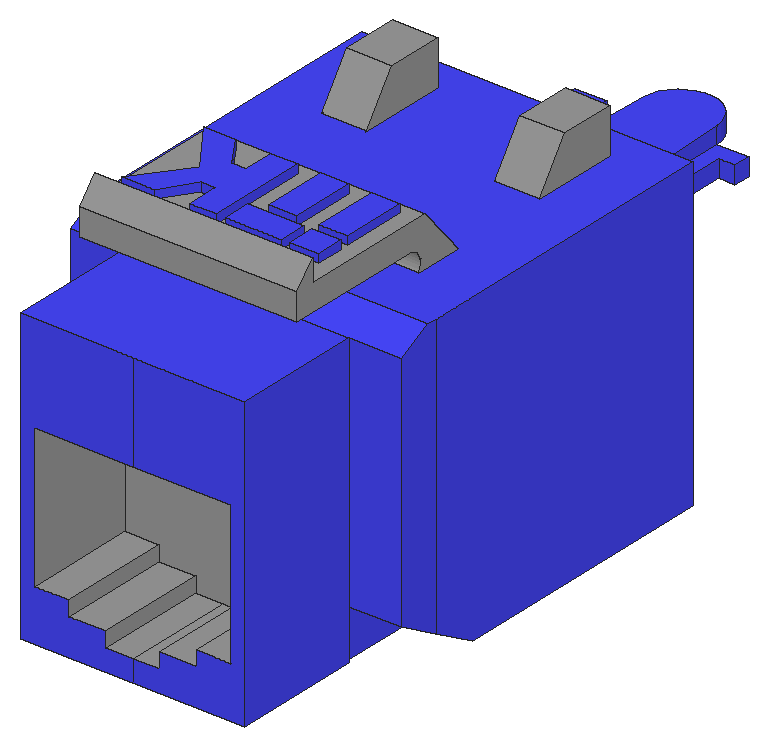
Revit family "ITK_Модуль Keystone Jack_90 градусов_Экранированный_IP20", category Обобщенные модели, Revit 2019
Family settings
  Может служить основой для арматурных стержней = Нет
  Размер круглого соединителя = Использовать диаметр
  Тип детали = Нормальный
  На основе рабочей плоскости = Нет
  Всегда вертикально = Да
  При загрузке вырезать с полостями = Нет
  Общий = Нет
  Точка расчета площади = Нет
Parameters (values of type "CS1-1C06F-11")
  Ширина = 21.5 mm  # constant formula
  Степень защиты = "IP20"  # constant formula
  Материал = Нержавеющая сталь
  Изготовитель = "ITK"  # constant formula
  Дата изменения = ""
  Глубина = 46.7 mm  # constant formula
  Высота = 21.5 mm  # constant formula
  URL = "https://www.iek.ru/"
  KSI_CPr_Строительные изделия = ""
  KSI_CMa_Строительные материалы = "01.7.14.03"  # constant formula
  IEK_Цена за единицу = 215.76
  IEK_Поиск в таблице имен = ""
  IEK_Описание = "Совместимость с компонентами для СКС.\r\nИзготовлены из высококачественных негорючих материалов.\r\nНадежность и удобство эксплуатации.\r\nСоответствие международным стандартам качества"
  IEK_URL = "https://www.itk-group.ru/produktsiya/catalog/oborudovanie_telekommunikatsionnoe/komponenty_sks_mednye/rozetki_adaptery_i_moduli_keystone/moduli_keystone_jack_informatsionnye_rozetki_rozetochnye_korpusa_i_adaptery/moduli_keystone_jack/moduli_keystone_jack_kat_6_ekranirovanye_ftp_stp/itk_modul_keystone_jack_kat_6_ftp_110_idc_90grad_rozetochnyy"
  ADSK_Примечание = ""
  ADSK_Позиция [instance] = ""
  ADSK_Наименование = "ITK Модуль Keystone Jack кат. 6 FTP 110 IDC 90 град. розет."
  ADSK_Материал обозначение = ""
  ADSK_Материал наименование = "Металл АБС-пластик"  # constant formula
  ADSK_Масса = 0
  ADSK_Марка = ""  # constant formula
  ADSK_Код изделия = "CS1-1C06F-11"
  ADSK_Завод-изготовитель = "IEK"  # constant formula
  ADSK_Единица измерения = "шт"  # constant formula
  ADSK_Группирование = "I. ЩИТЫ И ПУЛЬТЫ"  # constant formula
  ADSK_Версия семейства = "1.0"  # constant formula
  ADSK_Версия Revit = "2019"  # constant formula
  ADSK_URL страницы изделия = "https://www.itk-group.ru/produktsiya/catalog/oborudovanie_telekommunikatsionnoe/komponenty_sks_mednye/rozetki_adaptery_i_moduli_keystone/moduli_keystone_jack_informatsionnye_rozetki_rozetochnye_korpusa_i_adaptery/moduli_keystone_jack/"
Types (2, lengths in mm): name | IEK_Цена за единицу | IEK_URL | ADSK_Наименование | ADSK_Код изделия
  CS1-1C5EF-11 | 188.6 | "https://www.itk-group.ru/produktsiya/catalog/oborudovanie_telekommunikatsionnoe/komponenty_sks_mednye/rozetki_adaptery_i_moduli_keystone/moduli_keystone_jack_informatsionnye_rozetki_rozetochnye_korpusa_i_adaptery/moduli_keystone_jack/moduli_keystone_jack_kat_5e_ekranirovanye_ftp_stp/itk_modul_keystone_jack_kat_5e_ftp_110_idc_90grad_rozetochnyy" | "ITK Модуль Keystone Jack кат. 5E FTP 110 IDC 90 град. розет." | "CS1-1C5EF-11"
  CS1-1C06F-11 | 215.76 | "https://www.itk-group.ru/produktsiya/catalog/oborudovanie_telekommunikatsionnoe/komponenty_sks_mednye/rozetki_adaptery_i_moduli_keystone/moduli_keystone_jack_informatsionnye_rozetki_rozetochnye_korpusa_i_adaptery/moduli_keystone_jack/moduli_keystone_jack_kat_6_ekranirovanye_ftp_stp/itk_modul_keystone_jack_kat_6_ftp_110_idc_90grad_rozetochnyy" | "ITK Модуль Keystone Jack кат. 6 FTP 110 IDC 90 град. розет." | "CS1-1C06F-11"
Reference planes
  plane 1 "По центру (Вперед/Назад)": y = 0
  plane 2: z = 0
  plane 3 "По центру (Влево/Вправо)": x = 0
  plane 4: x = -10.75
  plane 5: x = 10.75
  plane 6: z = 20
  plane 7: y = 32
  plane 8: y = 23
  plane 9: z = 3.3
  plane 10: y = 4.5
  plane 11: y = 46.7
Forms (mm)
  Extrusion 1, solid, material "Нержавеющая сталь", detail levels fine
    sketch origin (0, 0, 0) x (1, 0, 0) y (0, 1, 0)
      loop
        line (10.75, 32) -> (-10.75, 32) -> (-10.75, 11.115) -> (-10.75, 8.395) -> (-7.3, 8.395) -> (-7.3, 0) -> (0, 0) -> (7.3, 0) -> (7.3, 8.395) -> (10.75, 8.395) -> (10.75, 11.115) -> (10.75, 32)
    from 20 to 0
  Extrusion 2, void
    sketch origin (0, 0, 0) x (0, 1, 0) y (0, 0, 1)
      loop
        line (0, 18.9) -> (8.395, 18.9) -> (10.511, 20) -> (0, 20) -> (0, 18.9)
    from 10.75 to -10.75
  Extrusion 3, void
    sketch origin (0, 0, 0) x (1, 0, 0) y (0, 0, 1)
      loop
        line (0, 1.384) -> (1.751, 1.384) -> (1.751, 2.379) -> (4.151, 2.379) -> (4.151, 3.347) -> (6.38, 3.347) -> (6.38, 12.56) -> (0, 12.56) -> (-6.38, 12.56) -> (-6.38, 3.347) -> (-4.151, 3.347) -> (-4.151, 2.379) -> (-1.751, 2.379) -> (-1.751, 1.384) -> (0, 1.384)
    from -7.289 to 0
  Extrusion 4, solid, material "Окраска - RAL 9005", detail levels fine
    sketch origin (0, 0, -0.163) x (0, 1, 0) y (0, 0, 1)
      loop
        line (14.833, 23.363) -> (5.756, 23.363) -> (5.756, 24.783) -> (4.5, 23.369) -> (4.5, 21.633) -> (13.57, 21.633)
        arc (13.57, 21.633) -> (14.539, 20.664) -> (13.57, 19.694) r 0.97
        line (13.57, 19.694) -> (17.911, 19.694) -> (14.833, 23.363)
    from 7.062 to -7.062
  Extrusion 5, solid, material "Условный материал-отделка", detail levels coarse+medium
    sketch origin (0, 0, 0) x (1, 0, 0) y (0, 1, 0)
      loop
        line (-10.75, 46.7) -> (-10.75, 0) -> (10.75, 0) -> (10.75, 46.7) -> (-10.75, 46.7)
    from 20 to 0
  Extrusion 6, void
    sketch origin (0, 0, 0) x (0, 1, 0) y (0, 0, 1)
      loop
        line (8.395, 3.3) -> (8.395, 0) -> (14.111, 0) -> (8.395, 3.3)
    from -7.062 to -10.75
  Extrusion 7, void
    sketch origin (0, 0, 0) x (0, 1, 0) y (0, 0, -1)
      loop
        line (8.395, -3.3) -> (14.111, 0) -> (8.395, 0) -> (8.395, -3.3)
    from -7.062 to -10.75
  Extrusion 8, solid, material "Окраска - RAL 9005", detail levels fine
    sketch origin (0, 0, 0) x (0, 1, 0) y (0, 0, 1)
      loop
        line (29.908, 19.531) -> (29.908, 22.898) -> (26.222, 22.898) -> (23.864, 19.531) -> (29.908, 19.531)
    from 7.062 to 4.151
  Extrusion 9, solid, material "Окраска - RAL 9005", detail levels fine
    sketch origin (0, 0, 0) x (0, 1, 0) y (0, 0, -1)
      loop
        line (29.908, -19.531) -> (30.791, -19.531) -> (30.791, -18.682) -> (22.328, -18.682) -> (22.328, -19.531) -> (23.864, -19.531) -> (26.222, -22.898) -> (29.908, -22.898) -> (29.908, -19.531)
    from 7.062 to 4.151
  Extrusion 10, solid, material "Окраска - RAL 9005", detail levels fine
    sketch origin (0, 0, 0) x (1, 0, 0) y (0, 1, 0)
      loop
        line (-8.876, 30.792) -> (-8.876, 11.49) -> (8.599, 11.49) -> (8.599, 30.792) -> (-8.876, 30.792)
    from 19.723 to 16.279
  Extrusion 11, void
    sketch origin (0, 0, 0) x (1, 0, 0) y (0, 1, 0)
      loop
        line (-4.151, 29.908) -> (-7.062, 29.908) -> (-7.062, 24.182) -> (-4.151, 24.182) -> (-4.151, 29.908)
      loop
        line (4.151, 29.908) -> (4.151, 24.182) -> (7.062, 24.182) -> (7.062, 29.908) -> (4.151, 29.908)
      loop
        line (-7.062, 17.497) -> (-7.062, 14.833) -> (7.062, 14.833) -> (7.062, 17.497) -> (-7.062, 17.497)
    from 20 to 18.682
  Extrusion 12, solid, material "Пластик белый", detail levels fine
    sketch origin (-2.053, 23.411, 23.2) x (-1, 0, 0) y (0, -1, 0)
      loop
        line (-8.095, 13.526) -> (-8.095, 9.294) -> (-6.245, 9.294) -> (-6.245, 13.526) -> (-8.095, 13.526)
      loop
        line (-8.095, 14.116) -> (-6.245, 14.116) -> (-6.245, 15.911) -> (-8.095, 15.911) -> (-8.095, 14.116)
      loop
        line (-1.493, 15.911) -> (-1.493, 9.294) -> (0.251, 9.294) -> (0.251, 11.342) -> (1.2, 11.342) -> (2.53, 9.294) -> (4.655, 9.294) -> (2.247, 12.608) -> (4.655, 15.911) -> (2.53, 15.911) -> (1.2, 13.863) -> (0.251, 13.863) -> (0.251, 15.911) -> (-1.493, 15.911)
      loop
        line (-5.717, 14.116) -> (-2.094, 14.116) -> (-2.094, 15.911) -> (-5.717, 15.911) -> (-5.717, 14.116)
      loop
        line (-4.813, 13.526) -> (-4.813, 9.294) -> (-2.963, 9.294) -> (-2.963, 13.526) -> (-4.813, 13.526)
    from 0 to 0.554
  Extrusion 13, solid, material "Нержавеющая сталь", detail levels fine
    sketch origin (0, 0, 0) x (1, 0, 0) y (0, 1, 0)
      loop
        line (-2.878, 32) -> (2.878, 32) -> (2.367, 44.428)
        arc (2.367, 44.428) -> (0, 46.7) -> (-2.367, 44.428) r 2.369
        line (-2.367, 44.428) -> (-2.878, 32)
      loop
        line (3.588, 32) -> (4.59, 32) -> (4.59, 41.827) -> (5.629, 41.827) -> (5.629, 42.903) -> (3.588, 42.903) -> (3.588, 32)
      loop
        line (-3.588, 32) -> (-3.588, 42.903) -> (-5.629, 42.903) -> (-5.629, 41.827) -> (-4.59, 41.827) -> (-4.59, 32) -> (-3.588, 32)
    from 13.706 to 12.56
  Extrusion 14, void
    sketch origin (0, 0, 0) x (1, 0, 0) y (0, 0, 1)
      loop
        circle (0, 9.779) r 2.445
    from -8.395 to -42.903
Cuts and joins
  Extrusion 2, Extrusion 3, Extrusion 6, Extrusion 7, Extrusion 11, Extrusion 14 cuts Extrusion 1
  Extrusion 14 cuts Extrusion 5
Dimensions and locks
  equal spacing: plane 4, plane 3 "По центру (Влево/Вправо)", plane 5
  "Ширина": plane 4 to plane 5
  plane 6 to level = 20 mm  (x2)
  plane 1 "По центру (Вперед/Назад)" to plane 7 = 32 mm
  plane 1 "По центру (Вперед/Назад)" to plane 8 = 23 mm
  plane 7 to plane 1 "По центру (Вперед/Назад)" = 32 mm
  aligned and locked: level to plane 2
  aligned and locked: plane 7 to Extrusion 1
  aligned and locked: plane 6 to Extrusion 1
  aligned and locked: plane 5 to Extrusion 2
  aligned and locked: Extrusion 2 to plane 4
  aligned and locked: cut or joined group of Extrusion 1, Extrusion 2, Extrusion 3, Extrusion 6, Extrusion 7, Extrusion 11, Extrusion 14 to Extrusion 8
  aligned and locked: Extrusion 9 to Extrusion 4
  aligned and locked: Extrusion 8 to Extrusion 4
  aligned and locked: Extrusion 11 sketch curve to Extrusion 9
  aligned and locked: Extrusion 9 to Extrusion 11
  aligned and locked: plane 11 to Extrusion 5
Automatic sketch dimensions
  Extrusion 1 sketch curve to plane 4 = 0 mm
  plane 1 "По центру (Вперед/Назад)" to Extrusion 1 sketch curve = 0 mm
  Extrusion 1 sketch curve to plane 3 "По центру (Влево/Вправо)" = 0 mm
  Extrusion 1 sketch curve to plane 5 = 0 mm
  Extrusion 1 sketch curve to plane 7 = 0 mm
  plane 4 to Extrusion 1 sketch curve = 3.45 mm
  Extrusion 1 sketch curve to plane 5 = 3.45 mm
  plane 10 to Extrusion 1 sketch curve = 3.895 mm  (x2)
  Extrusion 1 sketch curve to Extrusion 1 sketch curve = 2.72 mm  (x2)
  Extrusion 2 sketch curve to plane 1 "По центру (Вперед/Назад)" = 0 mm
  Extrusion 2 sketch curve to plane 6 = 0 mm
  Extrusion 2 sketch curve to plane 6 = 1.1 mm
  plane 10 to Extrusion 2 sketch curve = 3.895 mm
  Extrusion 2 sketch curve to Extrusion 2 sketch curve = 2.115 mm
  Extrusion 3 sketch curve to plane 3 "По центру (Влево/Вправо)" = 0 mm  (x2)
  Extrusion 3 sketch curve to plane 3 "По центру (Влево/Вправо)" = 1.751 mm
  Extrusion 3 sketch curve to plane 9 = 0.047 mm  (x2)
  Extrusion 3 sketch curve to Extrusion 3 sketch curve = 2.4 mm  (x2)
  plane 4 to Extrusion 3 sketch curve = 4.37 mm
  plane 3 "По центру (Влево/Вправо)" to Extrusion 3 sketch curve = 1.751 mm
  Extrusion 3 sketch curve to Extrusion 3 sketch curve = 2.229 mm
  plane 9 to Extrusion 3 sketch curve = 0.921 mm  (x2)
  level to Extrusion 3 sketch curve = 1.384 mm
  Extrusion 3 sketch curve to plane 6 = 7.44 mm
  Extrusion 4 sketch curve to plane 10 = 0 mm
  plane 10 to Extrusion 4 sketch curve = 1.256 mm
  plane 6 to Extrusion 4 sketch curve = 0.501 mm
  Extrusion 4 sketch curve to Extrusion 4 sketch curve = 7.813 mm
  Extrusion 4 sketch curve to Extrusion 4 sketch curve = 1.263 mm
  Extrusion 4 sketch curve to plane 6 = 0.469 mm
  Extrusion 4 sketch curve to Extrusion 4 sketch curve = 4.342 mm
  Extrusion 4 sketch curve to Extrusion 4 sketch curve = 1.729 mm
  Extrusion 4 sketch curve to Extrusion 4 sketch curve = 0.006 mm
  Extrusion 4 sketch curve to Extrusion 4 sketch curve = 1.421 mm
  plane 1 "По центру (Вперед/Назад)" to Extrusion 5 sketch curve = 0 mm
  Extrusion 5 sketch curve to plane 4 = 0 mm
  Extrusion 5 sketch curve to plane 5 = 0 mm
  plane 7 to Extrusion 5 sketch curve = 14.7 mm
  plane 9 to Extrusion 6 sketch curve = 0 mm
  Extrusion 6 sketch curve to level = 0 mm
  plane 10 to Extrusion 6 sketch curve = 3.895 mm
  Extrusion 6 sketch curve to Extrusion 6 sketch curve = 5.716 mm
  plane 9 to Extrusion 7 sketch curve = 0 mm
  Extrusion 7 sketch curve to level = 0 mm
  plane 10 to Extrusion 7 sketch curve = 3.895 mm
  Extrusion 7 sketch curve to Extrusion 7 sketch curve = 5.716 mm
  plane 8 to Extrusion 8 sketch curve = 0.864 mm
  plane 8 to Extrusion 8 sketch curve = 3.222 mm
  Extrusion 8 sketch curve to plane 7 = 2.092 mm
  Extrusion 8 sketch curve to plane 6 = 0.469 mm
  plane 6 to Extrusion 8 sketch curve = 2.898 mm
  Extrusion 9 sketch curve to plane 8 = 0.672 mm
  plane 8 to Extrusion 9 sketch curve = 0.864 mm
  plane 8 to Extrusion 9 sketch curve = 3.222 mm
  Extrusion 9 sketch curve to plane 7 = 2.092 mm
  Extrusion 9 sketch curve to Extrusion 9 sketch curve = 0.883 mm
  plane 6 to Extrusion 9 sketch curve = 2.898 mm
  Extrusion 9 sketch curve to plane 6 = 0.469 mm  (x2)
  Extrusion 9 sketch curve to Extrusion 9 sketch curve = 0.849 mm
  plane 4 to Extrusion 10 sketch curve = 1.874 mm
  Extrusion 10 sketch curve to plane 5 = 2.151 mm
  plane 10 to Extrusion 10 sketch curve = 6.99 mm
  Extrusion 10 sketch curve to plane 7 = 1.208 mm
  plane 4 to Extrusion 11 sketch curve = 3.688 mm  (x2)
  plane 8 to Extrusion 11 sketch curve = 1.182 mm  (x2)
  Extrusion 11 sketch curve to Extrusion 11 sketch curve = 2.911 mm  (x2)
  plane 3 "По центру (Влево/Вправо)" to Extrusion 11 sketch curve = 4.151 mm
  Extrusion 11 sketch curve to plane 5 = 3.688 mm
  Extrusion 11 sketch curve to plane 8 = 5.503 mm
  Extrusion 11 sketch curve to Extrusion 11 sketch curve = 2.664 mm
  Extrusion 11 sketch curve to plane 7 = 2.092 mm
  Extrusion 12 sketch curve to plane 5 = 4.708 mm
  Extrusion 12 sketch curve to Extrusion 12 sketch curve = 0 mm  (x8)
  Extrusion 12 sketch curve to Extrusion 12 sketch curve = 1.85 mm
  Extrusion 12 sketch curve to Extrusion 12 sketch curve = 0.528 mm
  Extrusion 12 sketch curve to Extrusion 12 sketch curve = 0.904 mm
  plane 3 "По центру (Влево/Вправо)" to Extrusion 12 sketch curve = 0.91 mm
  plane 3 "По центру (Влево/Вправо)" to Extrusion 12 sketch curve = 0.041 mm
  Extrusion 12 sketch curve to plane 3 "По центру (Влево/Вправо)" = 0.561 mm
  Extrusion 12 sketch curve to Extrusion 12 sketch curve = 1.744 mm  (x2)
  Extrusion 12 sketch curve to Extrusion 12 sketch curve = 0.948 mm  (x2)
  Extrusion 12 sketch curve to Extrusion 12 sketch curve = 1.047 mm
  Extrusion 12 sketch curve to Extrusion 12 sketch curve = 2.278 mm  (x2)
  Extrusion 12 sketch curve to Extrusion 12 sketch curve = 2.125 mm  (x2)
  Extrusion 12 sketch curve to plane 8 = 8.883 mm
  Extrusion 12 sketch curve to Extrusion 12 sketch curve = 2.048 mm
  Extrusion 12 sketch curve to Extrusion 12 sketch curve = 1.266 mm
  Extrusion 12 sketch curve to Extrusion 12 sketch curve = 2.184 mm
  Extrusion 12 sketch curve to Extrusion 12 sketch curve = 1.255 mm
  Extrusion 12 sketch curve to Extrusion 12 sketch curve = 0.59 mm
  Extrusion 12 sketch curve to Extrusion 12 sketch curve = 1.795 mm  (x2)
  plane 10 to Extrusion 12 sketch curve = 3 mm
  Extrusion 13 sketch curve to plane 7 = 0 mm  (x3)
  Extrusion 13 sketch curve to plane 3 "По центру (Влево/Вправо)" = 0 mm
  Extrusion 13 sketch curve to plane 3 "По центру (Влево/Вправо)" = 2.367 mm
  Extrusion 13 sketch curve to plane 3 "По центру (Влево/Вправо)" = 2.878 mm
  Extrusion 13 sketch curve to Extrusion 13 sketch curve = 0.709 mm
  Extrusion 13 sketch curve to Extrusion 13 sketch curve = 1.002 mm  (x2)
  Extrusion 13 sketch curve to Extrusion 13 sketch curve = 1.039 mm  (x2)
  Extrusion 13 sketch curve to plane 11 = 2.272 mm
  plane 3 "По центру (Влево/Вправо)" to Extrusion 13 sketch curve = 2.367 mm
  plane 3 "По центру (Влево/Вправо)" to Extrusion 13 sketch curve = 2.878 mm
  Extrusion 13 sketch curve to Extrusion 13 sketch curve = 1.221 mm
  Extrusion 13 sketch curve to Extrusion 13 sketch curve = 2.602 mm  (x2)
  Extrusion 13 sketch curve to Extrusion 13 sketch curve = 1.076 mm  (x2)
  Extrusion 13 sketch curve to Extrusion 13 sketch curve = 0.097 mm
  Extrusion 14 sketch curve to plane 3 "По центру (Влево/Вправо)" = 0 mm
  Extrusion 14 sketch curve to plane 9 = 6.479 mm
  radius of Extrusion 14 sketch curve = 2.445 mm
